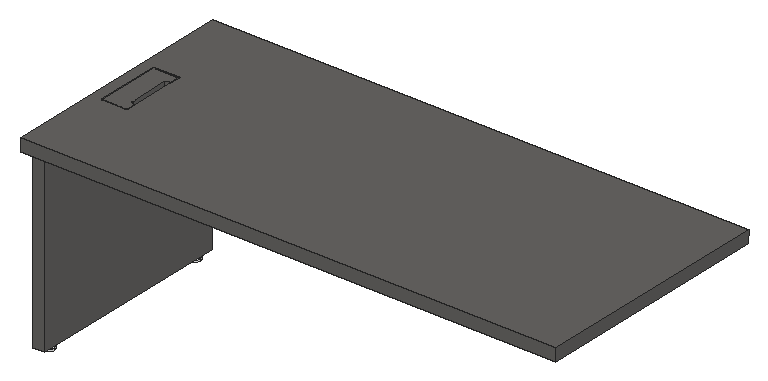
Revit family "Table-Teknion-ZXWZ_Wood_Gable_Run_Off-R2011", category Furniture, Revit 2013
Parameters (values of type "(See Type Catalog)")
  With Grommet = yes
  Width = 80"
  Warranty = "http://www.teknionstudio.com/pdfs/Teknion%20Studio%20Warranty.pdf"
  Unit Weight = 0.00 lbf
  Unit Finish [instance] = Veneer - Teknion - P7 - Grey Oak
  URL = "www.teknionstudio.com"
  Series = "B&B Italia"
  Product Page URL = "http://www.teknionstudio.com/acexecutive/"
  Product Line = "AC Executive"
  Product Documentation Link = "http://www.teknionstudio.com/pricing/ac_executive_ppg.pdf"
  Part Number = "ZXWZ"
  Model = ""
  Manufacturer Phone = "919-464-2920"
  Manufacturer Fax = "919-464-2927"
  Manufacturer Email = "customersupport@teknionstudio.com"
  Manufacturer Address = "3940 US 70 Business HWY West, Clayton, NC 27520"
  Manufacturer = "Teknion Studio"  # constant formula
  Low Emitting Material = yes
  Low Emitting Finish = yes
  Height = 29.684"
  Grommet Void = if(With Grommet, 10 1/2", 2")  # 10 1/2"
  Description = ""
  Depth = 36"
  Assembly Code = "E2020200"
Reference planes (in)
  plane 1 "Center F/B": y = 0
  plane 2: z = 0
  plane 3 "Center L/R": x = 0
  plane 4 "Left": x = -40
  plane 5 "Right": x = 40
  plane 6 "Back": y = 18
  plane 7 "Front": y = -18
  plane 8 "Top": z = 29.684
  plane 9: z = 27.9123
  plane 10: z = 19.684
  plane 11: z = 30.184
  plane 12: z = 0.6299
  plane 13 "Foot Centerline": y = -13.6378
  plane 14 "Centerline": y = -13.6378
  plane 15 "Back Foot Centerline": y = 13.6378
  plane 16: y = 16
  plane 17: y = 15.6378
  plane 18: y = -15.6378
Forms (in)
  Sweep 1, solid, material "Veneer - Teknion - P7 - Grey Oak" <- "Unit Finish"
    path origin (0, 0, 15.40683) x (-1, 0, 0) y (0, -1, 0)
      loop
        line (-40, 0) -> (40, 0)
    profile origin (0, 0, 15.40683) x (0, -1, 0) y (0, 0, 1)
      loop
        line (-18, 14.27717) -> (-18, 12.50547) -> (18, 12.50547) -> (18, 14.27717) -> (-18, 14.27717)
  Sweep 2, void
    path origin (0, 0, 0) x (1, 0, 0) y (0, 0, 1)
      loop
        line (0, 19.684) -> (0, 30.184)
    profile origin (0, 0, 24.934) x (-1, 0, 0) y (0, -1, 0)
      loop
        line (34.61319, -3.34646) -> (34.61319, -4.67008)
        arc (34.61319, -4.67008) -> (34.65015, -4.7593) -> (34.73937, -4.79626) r 0.12618
        line (34.73937, -4.79626) -> (38.17402, -4.79626)
        arc (38.17402, -4.79626) -> (38.26324, -4.7593) -> (38.3002, -4.67008) r 0.12618
        line (38.3002, -4.67008) -> (38.3002, 4.67008)
        arc (38.3002, 4.67008) -> (38.26324, 4.7593) -> (38.17402, 4.79626) r 0.12618
        line (38.17402, 4.79626) -> (34.73937, 4.79626)
        arc (34.73937, 4.79626) -> (34.65015, 4.7593) -> (34.61319, 4.67008) r 0.12618
        line (34.61319, 4.67008) -> (34.61319, 3.34646) -> (34.88189, 3.34646)
        arc (34.88189, 3.34646) -> (35.16028, 3.23114) -> (35.27559, 2.95276) r 0.3937
        line (35.27559, 2.95276) -> (35.27559, -2.95276)
        arc (35.27559, -2.95276) -> (35.16028, -3.23114) -> (34.88189, -3.34646) r 0.3937
        line (34.88189, -3.34646) -> (34.61319, -3.34646)
      loop
        arc (34.48819, -4.76378) -> (34.53431, -4.87513) -> (34.64567, -4.92126) r 0.15748
        line (34.64567, -4.92126) -> (38.26772, -4.92126)
        arc (38.26772, -4.92126) -> (38.37907, -4.87513) -> (38.4252, -4.76378) r 0.15748
        line (38.4252, -4.76378) -> (38.4252, 4.76378)
        arc (38.4252, 4.76378) -> (38.37907, 4.87513) -> (38.26772, 4.92126) r 0.15748
        line (38.26772, 4.92126) -> (34.64567, 4.92126)
        arc (34.64567, 4.92126) -> (34.53431, 4.87513) -> (34.48819, 4.76378) r 0.15748
        line (34.48819, 4.76378) -> (34.48819, -4.76378)
  Sweep 3, solid, material "Veneer - Teknion - P7 - Grey Oak" <- "Unit Finish"
    path origin (0, 0, 0) x (1, 0, 0) y (0, 0, 1)
      loop
        line (0, 27.9123) -> (0, 0.6299)
    profile origin (0, 0, 14.2711) x (0, -1, 0) y (1, 0, 0)
      loop
        line (-15.6378, -40) -> (15.6378, -40) -> (15.6378, -38.2283) -> (-15.6378, -38.2283) -> (-15.6378, -40)
  Revolve 4, solid, material "Metal - Teknion - C6 - Chrome"
    sketch origin (0, -13.6378, 0) x (-1, 0, 0) y (0, 0, 1)
      loop
        line (39.11415, 0) -> (39.85214, 0) -> (39.85214, 0.16) -> (39.39649, 0.16) -> (39.39649, 0.6299) -> (39.11415, 0.6299) -> (39.11415, 0)
      axis (39.11415, 0.6299) -> (39.11415, 0)
    angle from 0 to 360
  Revolve 5, solid, material "Metal - Teknion - C6 - Chrome"
    sketch origin (4.5366, 13.6378, 0) x (-1, 0, 0) y (0, 0, 1)
      loop
        line (43.65075, 0) -> (44.38874, 0) -> (44.38874, 0.16) -> (43.93309, 0.16) -> (43.93309, 0.6299) -> (43.65075, 0.6299) -> (43.65075, 0)
      axis (43.65075, 0.6299) -> (43.65075, 0)
    angle from 0 to 360
Cuts and joins
  Sweep 2 cuts Sweep 1
Lines and regions (in)
  Masking region 1
    outline origin (0, 0, 29.684) x (-1, 0, 0) y (0, -1, 0)
      loop
        line (40, -18) -> (40, 18) -> (-40, 18) -> (-40, -18) -> (40, -18)
  symbolic lines, visible <- "With Grommet", detail levels fine
    curve 1: arc (-35.27559, 2.95276, 29.684) -> (-35.16028, 3.23114, 29.684) -> (-34.88189, 3.34646, 29.684) r 0.3937
    curve 2: line (-34.88189, 3.34646, 29.684) -> (-34.48819, 3.34646, 29.684)
    curve 4: line (-34.48819, -3.34646, 29.684) -> (-34.88189, -3.34646, 29.684)
    curve 5: arc (-34.88189, -3.34646, 29.684) -> (-35.16028, -3.23114, 29.684) -> (-35.27559, -2.95276, 29.684) r 0.3937
    curve 6: line (-35.27559, -2.95276, 29.684) -> (-35.27559, 2.95276, 29.684)
  symbolic lines, visible <- "With Grommet"
    curve 3: line (-34.48819, 4.76378, 29.684) -> (-34.48819, -4.76378, 29.684)
    curve 7: line (-34.64567, -4.92126, 29.684) -> (-38.26772, -4.92126, 29.684)
    curve 8: arc (-34.64567, -4.92126, 29.684) -> (-34.53431, -4.87513, 29.684) -> (-34.48819, -4.76378, 29.684) r 0.15748
    curve 9: arc (-38.4252, -4.76378, 29.684) -> (-38.37907, -4.87513, 29.684) -> (-38.26772, -4.92126, 29.684) r 0.15748
    curve 10: line (-38.4252, -4.76378, 29.684) -> (-38.4252, 4.76378, 29.684)
    curve 11: arc (-34.48819, 4.76378, 29.684) -> (-34.53431, 4.87513, 29.684) -> (-34.64567, 4.92126, 29.684) r 0.15748
    curve 12: line (-38.26772, 4.92126, 29.684) -> (-34.64567, 4.92126, 29.684)
    curve 13: arc (-34.64567, 4.92126, 29.684) -> (-34.53431, 4.87513, 29.684) -> (-34.48819, 4.76378, 29.684) r 0.15748
    curve 14: arc (-38.4252, 4.76378, 29.684) -> (-38.37907, 4.87513, 29.684) -> (-38.26772, 4.92126, 29.684) r 0.15748
  symbolic lines, style "FurnitureHiddenLines", detail levels medium+fine
    curve 15: line (-38.2354, 15.6378, 29.684) -> (-38.2354, -15.6378, 29.684)
    curve 16: line (-38.2354, 15.6378, 29.684) -> (-40, 15.6378, 29.684)
    curve 17: line (-38.2354, -15.6378, 29.684) -> (-40, -15.6378, 29.684)
Dimensions and locks (in)
  "Height": plane 8 "Top" to plane 2
  equal spacing: plane 4 "Left", plane 3 "Center L/R", plane 5 "Right"
  "Width": plane 4 "Left" to plane 5 "Right"
  equal spacing: plane 6 "Back", plane 1 "Center F/B", plane 7 "Front"
  "Depth": plane 6 "Back" to plane 7 "Front"
  locked: plane 8 "Top" to plane 9 at 1.7717
  locked: plane 8 "Top" to plane 10 at 10
  "Grommet Void": plane 11 to plane 10
  locked: plane 4 "Left" to Sweep 2 sketch curve at 5.51181
  Sweep 2 sketch curve to plane 1 "Center F/B" to Sweep 2 sketch curve = 3.34646" locked, 3.34646" locked
  locked: Sweep 2 sketch curve to Sweep 2 sketch curve at 0.7874
  Sweep 2 sketch curve to plane 1 "Center F/B" to Sweep 2 sketch curve = 4.92126" locked, 4.92126" locked
  locked: plane 12 to plane 2 at 0.6299
  locked: plane 4 "Left" to Sweep 3 sketch curve at 1.7717
  locked: plane 13 "Foot Centerline" to plane 7 "Front" at 4.3622
  plane 13 "Foot Centerline" to plane 14 "Centerline" = 0"
  locked: Revolve 4 sketch curve to Revolve 4 sketch curve at 0.16
  locked: plane 4 "Left" to Revolve 4 sketch curve at 0.88585
  Revolve 4 sketch curve to Revolve 4 sketch curve to Revolve 4 sketch curve = 0.28234" locked, 0.45565" locked
  locked: plane 6 "Back" to plane 15 "Back Foot Centerline" at 4.3622
  locked: Revolve 5 sketch curve to Revolve 5 sketch curve at 0.16
  Revolve 5 sketch curve to Revolve 5 sketch curve to Revolve 5 sketch curve = 0.28234" locked, 0.45565" locked
  locked: Revolve 5 sketch curve to plane 4 "Left" at 0.88585
  locked: plane 6 "Back" to plane 17 at 2.3622
  locked: plane 7 "Front" to plane 18 at 2.3622
  aligned and locked: level to plane 2
  aligned and locked: Sweep 1 sketch curve to plane 1 "Center F/B"
  aligned and locked: plane 4 "Left" to Sweep 1 sketch curve
  aligned and locked: plane 5 "Right" to Sweep 1 sketch curve
  aligned and locked: plane 9 to Sweep 1 sketch curve
  aligned and locked: Sweep 1 sketch curve to plane 8 "Top"
  aligned and locked: Sweep 1 sketch curve to plane 7 "Front"
  aligned and locked: Sweep 1 sketch curve to plane 6 "Back"
  aligned and locked: plane 3 "Center L/R" to Sweep 2 sketch curve
  aligned and locked: plane 11 to Sweep 2 sketch curve
  aligned and locked: plane 10 to Sweep 2 sketch curve
  aligned and locked: Masking region 1 sketch curve to plane 6 "Back"
  aligned and locked: Masking region 1 sketch curve to plane 7 "Front"
  aligned and locked: Masking region 1 sketch curve to plane 5 "Right"
  aligned and locked: Masking region 1 sketch curve to plane 4 "Left"
  aligned and locked: curve 1 to cut or joined group of Sweep 1, Sweep 2
  aligned and locked: curve 4 to cut or joined group of Sweep 1, Sweep 2
  aligned and locked: curve 5 to cut or joined group of Sweep 1, Sweep 2
  aligned and locked: curve 13 to curve 11
  aligned and locked: curve 12 to curve 11
  aligned and locked: curve 14 to cut or joined group of Sweep 1, Sweep 2
  aligned and locked: plane 12 to Sweep 3 sketch curve
  aligned and locked: plane 9 to Sweep 3 sketch curve
  aligned and locked: Sweep 3 sketch curve to plane 3 "Center L/R"
  aligned and locked: plane 4 "Left" to Sweep 3 sketch curve
  aligned and locked: plane 2 to Revolve 4 sketch curve
  aligned and locked: Revolve 4 sketch curve to plane 12
  aligned and locked: Revolve 4 sketch curve to Revolve 4 sketch curve
  aligned and locked: Revolve 5 sketch curve to Revolve 5 sketch curve
  aligned and locked: Revolve 5 sketch curve to plane 2
  aligned and locked: plane 12 to Revolve 5 sketch curve
  aligned and locked: Sweep 3 sketch curve to plane 17
  aligned and locked: plane 18 to Sweep 3 sketch curve
  aligned and locked: plane 17 to curve 15
  aligned and locked: plane 17 to Sweep 3
  aligned and locked: plane 18 to curve 15
  aligned and locked: plane 4 "Left" to curve 17
  aligned and locked: Sweep 3 to plane 18
Automatic sketch dimensions
  Revolve 4 sketch curve to Revolve 4 sketch curve = 0"
  Revolve 4 sketch curve to Revolve 4 sketch curve = 0.28234"
  plane 4 "Left" to Revolve 4 sketch curve = 0.14786"
  Revolve 4 sketch curve to level = 0.70358"
  plane 12 to Revolve 4 sketch curve = 0.56789"
  Revolve 4 sketch curve to Revolve 4 sketch curve = 0.45565"
  level to Revolve 4 sketch curve = 0.16"
  Sweep 2 sketch curve to Sweep 2 sketch curve = 0.6624"
  Sweep 2 sketch curve to Sweep 2 sketch curve = 1/8"  (x3)
  Sweep 2 sketch curve to Sweep 2 sketch curve = 0.03248"  (x3)
  Sweep 2 sketch curve to Sweep 2 sketch curve = 0.0937"  (x5)
  Sweep 2 sketch curve to Sweep 2 sketch curve = 0.2687"
  Sweep 2 sketch curve to Sweep 2 sketch curve = 0.3937"
  Sweep 2 sketch curve to Sweep 2 sketch curve = 2 115/128"  (x2)
  curve 16 to plane 4 "Left" = 0"
  curve 12 to curve 1 = 0.23622"
  curve 8 to curve 4 = 0.23622"
  curve 8 to curve 8 = 0.15748"
  plane 4 "Left" to curve 17 = 1.7646"
  curve 7 to curve 9 = 0.15748"
  curve 4 to curve 3 = 1.41732"
  level to Revolve 5 sketch curve = 0.70358"
  Revolve 5 sketch curve to Revolve 5 sketch curve = 0.56789"
